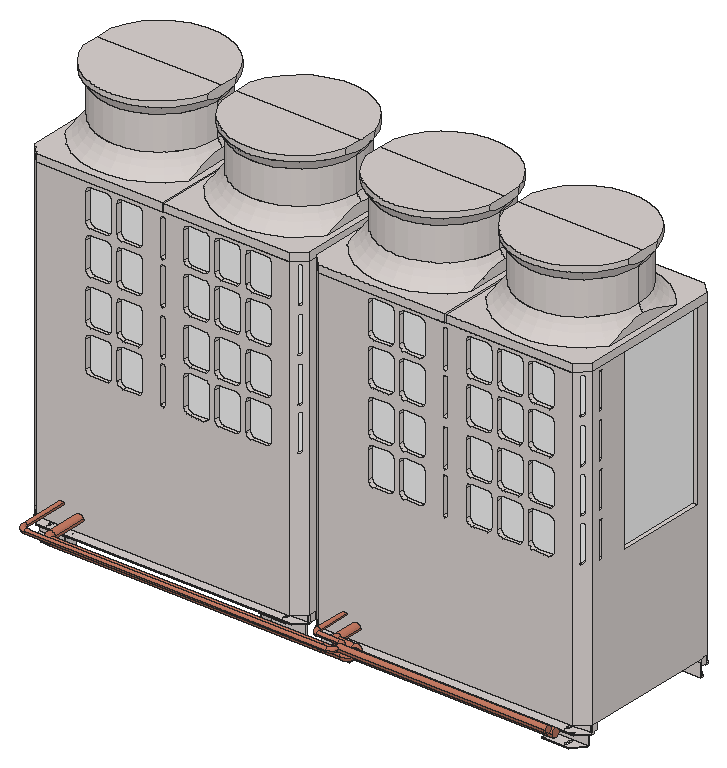
Revit family "PURY-EP750YSNW-A1", category 機械設備, Revit 2016 (continued)
Definition of nested family "PURY-EP400YNW-A1"
  Dimensions and locks
    cut or joined group 1 (Extrusion 1, Extrusion 2, Extrusion 3, Extrusion 4, Extrusion 5, Extrusion 6, Extrusion 7, Extrusion 8, Extrusion 9, Extrusion 10, Extrusion 11, Extrusion 12, Extrusion 13, Extrusion 14, Extrusion 15, Extrusion 16, Extrusion 17, Extrusion 18, Extrusion 19, Extrusion 20, Extrusion 21, Extrusion 22, Extrusion 23, Extrusion 24, Extrusion 25, Extrusion 26, Extrusion 27, Extrusion 28, Extrusion 29, Extrusion 30, Extrusion 31, Extrusion 32, Extrusion 33) to plane 12 to cut or joined group 1 = 805.000 mm, 621.000 mm
    plane 5 to plane 2 = 1858.000 mm  (x2)
    cut or joined group 1 to plane 19 "132" = 132.000 mm
    cut or joined group 1 to plane 22 = 207.000 mm
    cut or joined group 1 to plane 23 = 256.000 mm
    cut or joined group 1 to plane 6 = 60.000 mm
    cut or joined group 1 to cut or joined group 1 = 42.154 mm
    cut or joined group 1 to cut or joined group 1 = 11.895 mm
    nested 1 to nested 3 to level = 1798.000 mm, 60.000 mm
    nested 1 to nested 1 = 303.000 mm
    nested 1 to nested 3 = 1495.000 mm
    nested 8 to nested 8 to nested 8 to nested 7 to nested 7 to nested 7 = 54.000 mm, 20.000 mm, 592.000 mm, 20.000 mm, 54.000 mm
    nested 3 to nested 3 = 56.000 mm
    plane 11 to plane 31 to plane 32 to cut or joined group 1 = 90.000 mm, 1060.000 mm, 90.000 mm
    curve 103 to nested 7 = 90.000 mm
    curve 104 to nested 7 = 125.000 mm
    curve 101 to nested 7 = 100.000 mm
    curve 11 to curve 13 to nested 7 = 84.000 mm, 71.000 mm
    cut or joined group 1 to curve 12 to curve 14 = 125.000 mm, 148.000 mm
    nested 2 to nested 7 = 1495.000 mm
    curve 87 to cut or joined group 1 = 152.000 mm
    curve 88 to cut or joined group 1 = 172.000 mm
    curve 89 to cut or joined group 1 = 216.000 mm
    cut or joined group 1 to curve 4 to curve 2 = 128.000 mm, 150.000 mm
    cut or joined group 1 to curve 1 to curve 3 = 79.000 mm, 94.000 mm
    Extrusion 32 sketch curve to nested 7 = 116.000 mm
    cut or joined group 1 to Extrusion 32 sketch curve = 160.000 mm
    cut or joined group 1 to Extrusion 33 sketch curve = 243.000 mm
    Extrusion 33 sketch curve to nested 7 = 116.000 mm
    aligned and locked: level to plane 2
    aligned and locked: Extrusion 1 to plane 4
  Nested families
    nested 1: "FAN GUARD" at (-311.5, 2, 860), type "FAN GUARD"
      with WIDTH 870.000 mm
    nested 2: "FAN GUARD" at (311.5, 2, 860) x (-1, 0, 0) z (0, 0, 1), type "FAN GUARD"
      with WIDTH 870.000 mm
    nested 3: "ATTACHMENT LEG" at (-524, -349, 0), type "ATTACHMENT LEG"
    nested 4: "ATTACHMENT LEG" at (-524, 349, 0), type "ATTACHMENT LEG"
    nested 5: "ATTACHMENT LEG" at (524, -349, 0) x (-1, 0, 0) z (0, 0, 1), type "ATTACHMENT LEG"
    nested 6: "ATTACHMENT LEG" at (524, 349, 0) x (-1, 0, 0) z (0, 0, 1), type "ATTACHMENT LEG"
    nested 7: "BASE LEG_L_" at (0, -352, 60), type "BASE LEG_L_"
      with Width 1240.000 mm
    nested 8: "BASE LEG_L_" at (0, 352, 60), type "BASE LEG_L_"
      with Width 1240.000 mm
  Connectors
    piping at (-460, -191, 176), diameter 25.4, driven by "Liquid pipe_radius"
      settings: on cut or joined group 1, index 3, connector inside diameter 25.4 mm, connector length 0.000 mm, flow factor 0, pipe flow 0.0 L/s, pressure drop 0.0 Pa, fitting loss kfactor 0, connector angle 0.00°, fixture units 0, engagement length 0.000 mm, angle of deflection 0.00°, flow configuration 0, flow direction 0, fitting loss method 0, system type 22, joint type 0, gender type 0, connector reference index -1, connector utility 0, adjustable connector no, is connector primary yes, connector description "Refrigerant service valve<Liquid pipe>"
    piping at (-377, -191, 176), diameter 28.58, driven by "Gas pipe_radius"
      settings: on cut or joined group 1, index 4, connector inside diameter 28.58 mm, connector length 0.000 mm, flow factor 0, pipe flow 0.0 L/s, pressure drop 0.0 Pa, fitting loss kfactor 0, connector angle 0.00°, fixture units 0, engagement length 0.000 mm, angle of deflection 0.00°, flow configuration 0, flow direction 0, fitting loss method 0, system type 22, joint type 0, gender type 0, connector reference index -1, connector utility 0, adjustable connector no, is connector primary no, connector description "Refrigerant service valve<Gas>"
    electrical at (0, -370, 808)
      settings: on cut or joined group 1, index 5, voltage 0 V, apparent load 0 VA, apparent load phase1 0 VA, apparent load phase2 0 VA, apparent load phase3 0 VA, power factor 1, load classification none, number of poles 1, system type 30, power factor state 1, is connector primary yes, connector utility no, sub classification motor no, connector description ""
  Definition of nested family "FAN GUARD"
    Parameters
      WIDTH [instance] = 870.000 mm
    Reference planes
      plane 1 "中心(正面/背面)": y = -2
      plane 2: z = 0
      plane 3 "ファンガード基準面": z = 661
      plane 4: y = 368
      plane 5: x = 366
      plane 6: x = -375
      plane 7 "ファンガード基準上面": z = 695
      plane 8 "ファンガード上面": z = 998
      plane 9: x = -273.971
      plane 10: x = 308.5
      plane 11: x = -308.5
      plane 12: x = 0
    Forms (mm)
      Extrusion 1, solid
        sketch origin (85, 0, 661) x (-1, 0, 0) y (0, -1, 0)
          loop
            line (343.5, -368) -> (393.5, -318) -> (393.5, 322) -> (343.5, 372) -> (-223.5, 372) -> (-223.5, -368) -> (343.5, -368)
        from 0 to 34
      Revolve 2, solid
        sketch origin (0, -2, 0) x (1, 0, 0) y (0, 0, 1)
          loop
            line (0, 695) -> (0, 998) -> (-290, 998) -> (-290, 972.327) -> (-260, 928.372) -> (-260, 777.384)
            arc (-260, 777.384) -> (-290.651, 730.137) -> (-334.665, 695) r 175.882
            line (-334.665, 695) -> (0, 695)
          axis (0, 998) -> (0, 695)
        angle from 0 to 360
      Extrusion 3, void
        sketch origin (-840, 75, 695) x (-1, 0, 0) y (0, -1, 0)
          loop
            line (-410, -165) -> (-410, 315) -> (-561.253, 315) -> (-561.253, -165) -> (-410, -165)
        from -35 to 430.592
      Extrusion 4, void
        sketch origin (840, 75, 695) x (1, 0, 0) y (0, 1, 0)
          loop
            line (-410, 165) -> (-561.253, 165) -> (-561.253, -315) -> (-410, -315) -> (-410, 165)
        from 0 to 430.592
    Cuts and joins
      Extrusion 3, Extrusion 4 cuts Revolve 2
      Extrusion 4 cuts Extrusion 1
    Lines and regions (mm)
      model lines
        curve 1: line (-278.747, 0, 998) -> (-80, 0, 998)
        curve 2: line (80, 0, 998) -> (278.747, 0, 998)
        curve 3: circle (0, 0, 998) r 80 normal (0, 0, 1)
        curve 4: line (-278.747, -80, 998) -> (278.747, -80, 998)
        curve 5: line (-241.868, -160, 998) -> (241.868, -160, 998)
        curve 6: line (-162.788, -240, 998) -> (162.788, -240, 998)
        curve 7: line (-278.747, 80, 998) -> (278.747, 80, 998)
        curve 8: line (-241.868, 160, 998) -> (240, 160, 998)
        curve 9: line (-160, 240, 998) -> (162.788, 240, 998)
        curve 10: line (0, 290, 998) -> (0, -290, 998)
        curve 11: line (-20, 289.31, 998) -> (-20, -289.31, 998)
        curve 12: line (-40, 287.228, 998) -> (-40, -287.228, 998)
        curve 13: line (-60, 283.725, 998) -> (-60, -283.725, 998)
        curve 14: line (-80, 278.747, 998) -> (-80, -278.747, 998)
        curve 15: line (20, 289.31, 998) -> (20, -289.31, 998)
        curve 16: line (40, 287.228, 998) -> (40, -287.228, 998)
        curve 17: line (60, 283.725, 998) -> (60, -283.725, 998)
        curve 18: line (80, 278.747, 998) -> (80, -278.747, 998)
        curve 19: line (100, 272.213, 998) -> (100, -272.213, 998)
        curve 20: line (120, 264.008, 998) -> (120, -264.008, 998)
        curve 21: line (140, 253.969, 998) -> (140, -253.969, 998)
        curve 22: line (160, 241.868, 998) -> (160, -243.132, 998)
        curve 23: line (180, 227.376, 998) -> (180, -227.624, 998)
        curve 24: line (200, 210, 998) -> (200, -210, 998)
        curve 25: line (220, 188.944, 998) -> (220, -188.944, 998)
        curve 26: line (240, 160, 998) -> (240, -162.788, 998)
        curve 27: line (260, 128.452, 998) -> (260, -128.452, 998)
        curve 28: line (-100, 272.213, 998) -> (-100, -272.213, 998)
        curve 29: line (-120, 264.008, 998) -> (-120, -264.008, 998)
        curve 30: line (-140, 253.969, 998) -> (-140, -253.969, 998)
        curve 31: line (-160, 240, 998) -> (-160, -241.868, 998)
        curve 32: line (-180, 227.376, 998) -> (-180, -227.376, 998)
        curve 33: line (-200, 210, 998) -> (-200, -210, 998)
        curve 34: line (-220, 188.944, 998) -> (-220, -188.944, 998)
        curve 35: line (-240, 162.788, 998) -> (-240, -162.788, 998)
        curve 36: line (-260, 128.452, 998) -> (-260, -128.452, 998)
        curve 37: line (10, 79.373, 998) -> (10, -79.373, 998)
        curve 38: line (-10, 79.373, 998) -> (-10, -79.373, 998)
        curve 39: line (30, 74.162, 998) -> (30, -74.162, 998)
        curve 40: line (50, 62.45, 998) -> (50, -62.45, 998)
        curve 41: line (70, 38.73, 998) -> (70, -38.73, 998)
        curve 42: line (-30, 74.162, 998) -> (-30, -74.162, 998)
        curve 43: line (-50, 62.45, 998) -> (-50, -62.45, 998)
        curve 44: line (-70, 38.73, 998) -> (-70, -38.73, 998)
    Dimensions and locks
      locked: plane 8 "ファンガード上面" to plane 7 "ファンガード基準上面" at 303
      plane 8 "ファンガード上面" to plane 3 "ファンガード基準面" = 337.000 mm
      Revolve 2 sketch curve to Revolve 2 sketch curve = 290.000 mm
      Extrusion 1 sketch curve to Extrusion 1 sketch curve = 740.000 mm
      equal spacing: Extrusion 1 sketch curve, plane 1 "中心(正面/背面)", Extrusion 1 sketch curve
      plane 6 to plane 5 = 741.000 mm
      Extrusion 1 sketch curve to Extrusion 1 sketch curve = 617.000 mm
      plane 11 to plane 10 = 617.000 mm
      cut or joined group of Extrusion 1, Extrusion 4 to cut or joined group of Extrusion 1, Extrusion 4 = 617.000 mm
      cut or joined group of Extrusion 1, Extrusion 4 to cut or joined group of Extrusion 1, Extrusion 4 = 740.000 mm
      aligned and locked: level to plane 2
      aligned and locked: plane 7 "ファンガード基準上面" to Extrusion 1
      aligned and locked: plane 3 "ファンガード基準面" to Extrusion 1
      aligned and locked: cut or joined group of Revolve 2, Extrusion 3, Extrusion 4 to plane 8 "ファンガード上面"
  Definition of nested family "ATTACHMENT LEG"
    Parameters
      Width = 145.000 mm
    Reference planes
      plane 1: z = 0
      plane 2 "中心(左/右)": x = -6
      plane 3: x = -52
      plane 4: x = 85
      plane 5: x = 93
      plane 6: y = -21
      plane 7: y = 27
      plane 8: x = -30
      plane 9: y = 39
      plane 10: z = 60
      plane 11: z = 57
      plane 12: z = 3
      plane 13: x = 82
      plane 14: y = 36
      plane 15: x = -75
      plane 16: y = 31
      plane 17 "幅": x = 93
      plane 18: y = 2.5
      plane 19: y = 21
      plane 20: y = -10
    Forms (mm)
      Extrusion 1, solid
        sketch origin (0, -1, 0) x (1, 0, 0) y (0, 1, 0)
          loop
            line (-75, 36) -> (-75, 27) -> (-28, -20) -> (93, -20) -> (93, 32) -> (85, 32) -> (85, 36) -> (-75, 36)
        from 0 to 60
      Extrusion 2, void
        sketch origin (0, -3, 0) x (1, 0, 0) y (0, 0, 1)
          loop
            line (-75, 57) -> (-75, 3) -> (82, 3) -> (82, 57) -> (-75, 57)
          loop
            line (93, 57) -> (85, 57) -> (85, 3) -> (93, 3) -> (93, 57)
        from -35 to 18
      Extrusion 3, void
        sketch origin (-6, 5.5, 0) x (1, 0, 0) y (0, 1, 0)
          loop
            arc (-7, -8.5) -> (0, -15.5) -> (7, -8.5) r 7
            line (7, -8.5) -> (7, 8.5)
            arc (7, 8.5) -> (0, 15.5) -> (-7, 8.5) r 7
            line (-7, 8.5) -> (-7, -8.5)
        from 0 to 60
    Cuts and joins
      Extrusion 2, Extrusion 3 cuts Extrusion 1
    Dimensions and locks
      locked: plane 3 to plane 4 at 137
      locked: plane 3 to plane 5 at 145
      plane 6 to plane 7 = 48.000 mm
      locked: plane 10 to level at 60
      Extrusion 3 sketch curve to plane 2 "中心(左/右)" = 7.000 mm
      locked: plane 15 to plane 2 "中心(左/右)" at 69
      locked: plane 15 to plane 8 at 45
      locked: plane 6 to plane 18 at 23.5
      cut or joined group of Extrusion 1, Extrusion 2, Extrusion 3 to cut or joined group of Extrusion 1, Extrusion 2, Extrusion 3 = 168.000 mm
      cut or joined group of Extrusion 1, Extrusion 2, Extrusion 3 to cut or joined group of Extrusion 1, Extrusion 2, Extrusion 3 = 56.000 mm  (x2)
      plane 14 to plane 6 = 57.000 mm
      aligned and locked: level to plane 1
      aligned and locked: Extrusion 1 sketch curve to plane 4
      aligned and locked: Extrusion 1 sketch curve to plane 5
      aligned: plane 8 to Extrusion 1 sketch curve
      aligned and locked: plane 10 to Extrusion 1
      aligned and locked: Extrusion 2 sketch curve to plane 11
      aligned: plane 3 to Extrusion 2 sketch curve
      aligned and locked: plane 12 to Extrusion 2 sketch curve
      aligned and locked: Extrusion 2 sketch curve to plane 13
      aligned and locked: plane 6 to Extrusion 2
      aligned and locked: plane 11 to Extrusion 2 sketch curve
      aligned and locked: plane 5 to Extrusion 2 sketch curve
      aligned and locked: Extrusion 2 sketch curve to plane 12
      aligned and locked: Extrusion 2 sketch curve to plane 4
      aligned and locked: plane 15 to Extrusion 1 sketch curve
      aligned and locked: Extrusion 2 sketch curve to cut or joined group of Extrusion 1, Extrusion 2, Extrusion 3
      aligned and locked: Extrusion 1 to plane 16
  Definition of nested family "BASE LEG_L_"
    Parameters
      Width [instance] = 1240.000 mm
    Reference planes
      plane 1 "中心(正面/背面)": y = 0
      plane 2: z = 0
      plane 3 "中心(左/右)": x = 0
      plane 4: x = 620
      plane 5: x = -620
      plane 6: x = -530
      plane 7: x = 530
      plane 8: y = -18
      plane 9: y = 39
      plane 10: z = 53
      plane 11: y = 42
      plane 12: y = 27
      plane 13: x = 575
      plane 14: x = -575
      plane 15: z = 8
      plane 16: y = 11.5
      plane 17: z = 35
    Forms (mm)
      Extrusion 1, solid
        sketch origin (0, 0, 0) x (0, 1, 0) y (0, 0, 1)
          loop
            line (-18, 0) -> (36, 0) -> (36, 32) -> (56, 32) -> (56, 35) -> (33, 35) -> (33, 3) -> (-18, 3) -> (-18, 0)
        from -620 to 620
      Extrusion 2, void
        sketch origin (0, 0, 0) x (1, 0, 0) y (0, 1, 0)
          loop
            line (575, -18) -> (620, -18) -> (620, 27) -> (575, -18)
          loop
            line (-575, -18) -> (-620, 27) -> (-620, -18) -> (-575, -18)
        from 0 to 250
      Extrusion 3, void
        sketch origin (0, 12.023, 0) x (1, 0, 0) y (0, 1, 0)
          loop
            arc (523, -2.971) -> (530, -9.971) -> (537, -2.971) r 7
            line (537, -2.971) -> (537, 3.023)
            arc (537, 3.023) -> (530, 10.023) -> (523, 3.023) r 7
            line (523, 3.023) -> (523, -2.971)
          loop
            line (-523, -2.971) -> (-523, 3.023)
            arc (-523, 3.023) -> (-530, 10.023) -> (-537, 3.023) r 7
            line (-537, 3.023) -> (-537, -2.971)
            arc (-537, -2.971) -> (-530, -9.971) -> (-523, -2.971) r 7
        from 0 to 250
      Extrusion 4, solid
        sketch origin (0, 0, -3) x (1, 0, 0) y (0, 0, 1)
          loop
            line (617, 8) -> (620, 8) -> (620, 35) -> (617, 35) -> (617, 8)
          loop
            line (-617, 8) -> (-617, 35) -> (-620, 35) -> (-620, 8) -> (-617, 8)
        from -36 to -56
      Extrusion 5, solid
        sketch origin (150, 352, 0) x (1, 0, 0) y (0, 1, 0)
          loop
            line (460, -319) -> (455, -319) -> (455, -320) -> (405, -370) -> (410, -370) -> (460, -320) -> (460, -319)
        from 3 to 35
      Extrusion 6, void
        sketch origin (560, -18, 0) x (0.707107, 0.707107, 0) y (0, 0, 1)
          loop
            line (70.711, 3) -> (-6.741, 39.767) -> (-6.741, 3) -> (70.711, 3)
        from -190.256 to 23.776
      Extrusion 7, solid
        sketch origin (-150, 352, 0) x (-1, 0, 0) y (0, -1, 0)
          loop
            line (460, 319) -> (460, 320) -> (410, 370) -> (405, 370) -> (455, 320) -> (455, 319) -> (460, 319)
        from 3 to 35
      Extrusion 8, void
        sketch origin (-560, -18, 0) x (0.707107, -0.707107, 0) y (0, 0, -1)
          loop
            line (-70.711, -3) -> (0, -35) -> (6.741, -35) -> (6.741, -3) -> (-70.711, -3)
        from -190.256 to 23.776
    Cuts and joins
      Extrusion 2, Extrusion 3 cuts Extrusion 1
      joined: Extrusion 1, Extrusion 4
      Extrusion 8 cuts Extrusion 7
      Extrusion 6 cuts Extrusion 5
    Dimensions and locks
      "Width": plane 5 to plane 4
      equal spacing: plane 5, plane 3 "中心(左/右)", plane 4
      locked: plane 5 to plane 6 at 90
      locked: plane 7 to plane 4 at 90
      locked: plane 8 to plane 9 at 57
      locked: plane 10 to level at 53
      locked: plane 9 to plane 11 at 3
      plane 8 to plane 12 = 45.000 mm
      locked: plane 13 to plane 4 at 45
      locked: plane 5 to plane 14 at 45
      equal spacing: Extrusion 3 sketch curve, plane 7, Extrusion 3 sketch curve
      equal spacing: Extrusion 3 sketch curve, plane 6, Extrusion 3 sketch curve
      locked: plane 10 to plane 15 at 45
      locked: cut or joined group of Extrusion 1, Extrusion 2, Extrusion 3, Extrusion 4 to Extrusion 4 sketch curve at 3  (x2)
      locked: plane 8 to plane 16 at 29.5
      plane 8 to plane 11 = 60.000 mm
      cut or joined group of Extrusion 1, Extrusion 2, Extrusion 3, Extrusion 4 to cut or joined group of Extrusion 1, Extrusion 2, Extrusion 3, Extrusion 4 = 35.000 mm
      aligned and locked: level to plane 2
      aligned and locked: plane 8 to Extrusion 1 sketch curve
      aligned and locked: plane 4 to Extrusion 1
      aligned and locked: Extrusion 1 to plane 5
      aligned and locked: Extrusion 2 sketch curve to plane 4
      aligned and locked: Extrusion 2 sketch curve to plane 8
      aligned and locked: plane 12 to Extrusion 2 sketch curve
      aligned and locked: plane 13 to Extrusion 2 sketch curve
      aligned and locked: plane 4 to Extrusion 4 sketch curve
      aligned and locked: plane 5 to Extrusion 4 sketch curve
      aligned and locked: cut or joined group of Extrusion 7, Extrusion 8 to cut or joined group of Extrusion 1, Extrusion 2, Extrusion 3, Extrusion 4
    Automatic sketch dimensions
      Extrusion 3 sketch curve to plane 1 "中心(正面/背面)" = 9.052 mm  (x2)
      Extrusion 3 sketch curve to plane 7 = 7.000 mm
      Extrusion 3 sketch curve to plane 1 "中心(正面/背面)" = 15.046 mm  (x2)
      Extrusion 3 sketch curve to plane 6 = 7.000 mm
      Extrusion 2 sketch curve to plane 5 = 0.000 mm
      plane 8 to Extrusion 2 sketch curve = 0.000 mm
      Extrusion 2 sketch curve to plane 14 = 0.000 mm
      plane 12 to Extrusion 2 sketch curve = 0.000 mm
      Extrusion 4 sketch curve to plane 10 = 21.000 mm
      plane 7 to Extrusion 5 sketch curve = 25.000 mm
      Extrusion 5 sketch curve to Extrusion 5 sketch curve = 5.000 mm  (x2)
      plane 7 to Extrusion 5 sketch curve = 75.000 mm
      plane 8 to Extrusion 5 sketch curve = 0.000 mm
      Extrusion 5 sketch curve to Extrusion 5 sketch curve = 50.000 mm
      Extrusion 5 sketch curve to Extrusion 5 sketch curve = 0.000 mm
      Extrusion 5 sketch curve to Extrusion 5 sketch curve = 1.000 mm
      Extrusion 6 sketch curve to Extrusion 5 = 0.000 mm  (x2)
      Extrusion 6 sketch curve to Extrusion 5 = 6.741 mm
      Extrusion 6 sketch curve to Extrusion 5 = 4.767 mm
      plane 6 to Extrusion 7 sketch curve = 25.000 mm
      Extrusion 7 sketch curve to Extrusion 7 sketch curve = 5.000 mm  (x2)
      Extrusion 7 sketch curve to Extrusion 7 sketch curve = 45.000 mm
      Extrusion 7 sketch curve to plane 8 = 0.000 mm
      Extrusion 7 sketch curve to Extrusion 7 sketch curve = 50.000 mm
      Extrusion 7 sketch curve to Extrusion 7 sketch curve = 0.000 mm
      Extrusion 7 sketch curve to Extrusion 7 sketch curve = 1.000 mm
      Extrusion 8 sketch curve to Extrusion 7 = 0.000 mm  (x2)
      Extrusion 7 to Extrusion 8 sketch curve = 0.000 mm  (x2)
      Extrusion 7 to Extrusion 8 sketch curve = 6.741 mm
      Extrusion 4 sketch curve to plane 17 = 3.000 mm
      Extrusion 4 sketch curve to plane 15 = 3.000 mm  (x2)
      Extrusion 1 sketch curve to plane 17 = 0.000 mm
      Extrusion 1 sketch curve to level = 0.000 mm
      level to Extrusion 1 sketch curve = 3.000 mm
      plane 9 to Extrusion 1 sketch curve = 6.000 mm
      plane 9 to Extrusion 1 sketch curve = 3.000 mm
      Extrusion 1 sketch curve to plane 17 = 3.000 mm
      Extrusion 1 sketch curve to plane 11 = 14.000 mm
Definition of nested family "PURY-EP350YNW-A1"
  Parameters
    Model = "PUHY-P350YNW-A"
    URL = "http://www.mitsubishielectric.com/"
    Manufacturer = "Mitsubishi Electric Corporation"
    Liquid pipe_radius = 12.700 mm
    Gas pipe_radius = 14.290 mm
  Reference planes
    plane 1 "Center (Front/Back)": y = 0
    plane 2: z = 0
    plane 3 "Center (Left/Right)": x = 0
    plane 4: y = 370
    plane 5: z = 1858
    plane 6: y = -260
    plane 7: y = -204
    plane 8: y = -185
    plane 9: x = -620
    plane 10: x = 620
    plane 11: x = -620
    plane 12: z = 716
    plane 13: x = -524
    plane 14: z = 669
    plane 15: x = -50.5
    plane 16: x = 51
    plane 17: x = 489
    plane 18: x = 467
    plane 19 "132": x = 488
    plane 20 "100": z = 160
    plane 21: z = 185
    plane 22: x = 413
    plane 23: x = 364
    plane 24: z = 150
    plane 25: x = -287.25
    plane 26: x = -137.25
    plane 27: x = -272.25
    plane 28: y = -278
    plane 29: z = 1509
    plane 30: y = -370
    plane 31: x = -530
    plane 32: x = 530
    plane 33 "179": y = -191
  Forms (mm)
    Extrusion 1, solid
      sketch origin (-1, 0, 113) x (-1, 0, 0) y (0, -1, 0)
        loop
          line (569, -370) -> (619, -320) -> (619, 320) -> (569, 370) -> (-571, 370) -> (-621, 320) -> (-621, -320) -> (-571, -370) -> (569, -370)
      from -18 to 1408
    Extrusion 2, void
      sketch origin (524, -370, 113) x (1, 0, 0) y (0, 0, -1)
        loop
          arc (-60.8, -1393.5) -> (-42.557, -1385.943) -> (-35, -1367.7) r 25.8
          line (-35, -1367.7) -> (-35, -1248.5)
          arc (-35, -1248.5) -> (-42.557, -1230.257) -> (-60.8, -1222.7) r 25.8
          line (-60.8, -1222.7) -> (-126, -1222.7)
          arc (-126, -1222.7) -> (-144.243, -1230.257) -> (-151.8, -1248.5) r 25.8
          line (-151.8, -1248.5) -> (-151.8, -1367.7)
          arc (-151.8, -1367.7) -> (-144.243, -1385.943) -> (-126, -1393.5) r 25.8
          line (-126, -1393.5) -> (-60.8, -1393.5)
      from 0 to 20
    Extrusion 3, void
      sketch origin (524, -370, -81) x (1, 0, 0) y (0, 0, -1)
        loop
          arc (-60.8, -1393.5) -> (-42.557, -1385.943) -> (-35, -1367.7) r 25.8
          line (-35, -1367.7) -> (-35, -1248.5)
          arc (-35, -1248.5) -> (-42.557, -1230.257) -> (-60.8, -1222.7) r 25.8
          line (-60.8, -1222.7) -> (-126, -1222.7)
          arc (-126, -1222.7) -> (-144.243, -1230.257) -> (-151.8, -1248.5) r 25.8
          line (-151.8, -1248.5) -> (-151.8, -1367.7)
          arc (-151.8, -1367.7) -> (-144.243, -1385.943) -> (-126, -1393.5) r 25.8
          line (-126, -1393.5) -> (-60.8, -1393.5)
      from 0 to 20
    Extrusion 4, void
      sketch origin (524, -370, -287) x (1, 0, 0) y (0, 0, -1)
        loop
          arc (-60.8, -1393.5) -> (-42.557, -1385.943) -> (-35, -1367.7) r 25.8
          line (-35, -1367.7) -> (-35, -1248.5)
          arc (-35, -1248.5) -> (-42.557, -1230.257) -> (-60.8, -1222.7) r 25.8
          line (-60.8, -1222.7) -> (-126, -1222.7)
          arc (-126, -1222.7) -> (-144.243, -1230.257) -> (-151.8, -1248.5) r 25.8
          line (-151.8, -1248.5) -> (-151.8, -1367.7)
          arc (-151.8, -1367.7) -> (-144.243, -1385.943) -> (-126, -1393.5) r 25.8
          line (-126, -1393.5) -> (-60.8, -1393.5)
      from 0 to 20
    Extrusion 5, void
      sketch origin (524, -370, -481) x (1, 0, 0) y (0, 0, -1)
        loop
          arc (-60.8, -1393.5) -> (-42.557, -1385.943) -> (-35, -1367.7) r 25.8
          line (-35, -1367.7) -> (-35, -1248.5)
          arc (-35, -1248.5) -> (-42.557, -1230.257) -> (-60.8, -1222.7) r 25.8
          line (-60.8, -1222.7) -> (-126, -1222.7)
          arc (-126, -1222.7) -> (-144.243, -1230.257) -> (-151.8, -1248.5) r 25.8
          line (-151.8, -1248.5) -> (-151.8, -1367.7)
          arc (-151.8, -1367.7) -> (-144.243, -1385.943) -> (-126, -1393.5) r 25.8
          line (-126, -1393.5) -> (-60.8, -1393.5)
      from 0 to 20
    Extrusion 6, void
      sketch origin (384, -370, 113) x (1, 0, 0) y (0, 0, -1)
        loop
          arc (-60.8, -1393.5) -> (-42.557, -1385.943) -> (-35, -1367.7) r 25.8
          line (-35, -1367.7) -> (-35, -1248.5)
          arc (-35, -1248.5) -> (-42.557, -1230.257) -> (-60.8, -1222.7) r 25.8
          line (-60.8, -1222.7) -> (-126, -1222.7)
          arc (-126, -1222.7) -> (-144.243, -1230.257) -> (-151.8, -1248.5) r 25.8
          line (-151.8, -1248.5) -> (-151.8, -1367.7)
          arc (-151.8, -1367.7) -> (-144.243, -1385.943) -> (-126, -1393.5) r 25.8
          line (-126, -1393.5) -> (-60.8, -1393.5)
      from 0 to 20
    Extrusion 7, void
      sketch origin (384, -370, -81) x (1, 0, 0) y (0, 0, -1)
        loop
          arc (-60.8, -1393.5) -> (-42.557, -1385.943) -> (-35, -1367.7) r 25.8
          line (-35, -1367.7) -> (-35, -1248.5)
          arc (-35, -1248.5) -> (-42.557, -1230.257) -> (-60.8, -1222.7) r 25.8
          line (-60.8, -1222.7) -> (-126, -1222.7)
          arc (-126, -1222.7) -> (-144.243, -1230.257) -> (-151.8, -1248.5) r 25.8
          line (-151.8, -1248.5) -> (-151.8, -1367.7)
          arc (-151.8, -1367.7) -> (-144.243, -1385.943) -> (-126, -1393.5) r 25.8
          line (-126, -1393.5) -> (-60.8, -1393.5)
      from 0 to 20
    Extrusion 8, void
      sketch origin (384, -370, -287) x (1, 0, 0) y (0, 0, -1)
        loop
          arc (-60.8, -1393.5) -> (-42.557, -1385.943) -> (-35, -1367.7) r 25.8
          line (-35, -1367.7) -> (-35, -1248.5)
          arc (-35, -1248.5) -> (-42.557, -1230.257) -> (-60.8, -1222.7) r 25.8
          line (-60.8, -1222.7) -> (-126, -1222.7)
          arc (-126, -1222.7) -> (-144.243, -1230.257) -> (-151.8, -1248.5) r 25.8
          line (-151.8, -1248.5) -> (-151.8, -1367.7)
          arc (-151.8, -1367.7) -> (-144.243, -1385.943) -> (-126, -1393.5) r 25.8
          line (-126, -1393.5) -> (-60.8, -1393.5)
      from 0 to 20
    Extrusion 9, void
      sketch origin (384, -370, -481) x (1, 0, 0) y (0, 0, -1)
        loop
          arc (-60.8, -1393.5) -> (-42.557, -1385.943) -> (-35, -1367.7) r 25.8
          line (-35, -1367.7) -> (-35, -1248.5)
          arc (-35, -1248.5) -> (-42.557, -1230.257) -> (-60.8, -1222.7) r 25.8
          line (-60.8, -1222.7) -> (-126, -1222.7)
          arc (-126, -1222.7) -> (-144.243, -1230.257) -> (-151.8, -1248.5) r 25.8
          line (-151.8, -1248.5) -> (-151.8, -1367.7)
          arc (-151.8, -1367.7) -> (-144.243, -1385.943) -> (-126, -1393.5) r 25.8
          line (-126, -1393.5) -> (-60.8, -1393.5)
      from 0 to 20
    Extrusion 10, void
      sketch origin (244, -370, 113) x (1, 0, 0) y (0, 0, -1)
        loop
          arc (-60.8, -1393.5) -> (-42.557, -1385.943) -> (-35, -1367.7) r 25.8
          line (-35, -1367.7) -> (-35, -1248.5)
          arc (-35, -1248.5) -> (-42.557, -1230.257) -> (-60.8, -1222.7) r 25.8
          line (-60.8, -1222.7) -> (-126, -1222.7)
          arc (-126, -1222.7) -> (-144.243, -1230.257) -> (-151.8, -1248.5) r 25.8
          line (-151.8, -1248.5) -> (-151.8, -1367.7)
          arc (-151.8, -1367.7) -> (-144.243, -1385.943) -> (-126, -1393.5) r 25.8
          line (-126, -1393.5) -> (-60.8, -1393.5)
      from 0 to 20
    Extrusion 11, void
      sketch origin (244, -370, -81) x (1, 0, 0) y (0, 0, -1)
        loop
          arc (-60.8, -1393.5) -> (-42.557, -1385.943) -> (-35, -1367.7) r 25.8
          line (-35, -1367.7) -> (-35, -1248.5)
          arc (-35, -1248.5) -> (-42.557, -1230.257) -> (-60.8, -1222.7) r 25.8
          line (-60.8, -1222.7) -> (-126, -1222.7)
          arc (-126, -1222.7) -> (-144.243, -1230.257) -> (-151.8, -1248.5) r 25.8
          line (-151.8, -1248.5) -> (-151.8, -1367.7)
          arc (-151.8, -1367.7) -> (-144.243, -1385.943) -> (-126, -1393.5) r 25.8
          line (-126, -1393.5) -> (-60.8, -1393.5)
      from 0 to 20
    Extrusion 12, void
      sketch origin (244, -370, -287) x (1, 0, 0) y (0, 0, -1)
        loop
          arc (-60.8, -1393.5) -> (-42.557, -1385.943) -> (-35, -1367.7) r 25.8
          line (-35, -1367.7) -> (-35, -1248.5)
          arc (-35, -1248.5) -> (-42.557, -1230.257) -> (-60.8, -1222.7) r 25.8
          line (-60.8, -1222.7) -> (-126, -1222.7)
          arc (-126, -1222.7) -> (-144.243, -1230.257) -> (-151.8, -1248.5) r 25.8
          line (-151.8, -1248.5) -> (-151.8, -1367.7)
          arc (-151.8, -1367.7) -> (-144.243, -1385.943) -> (-126, -1393.5) r 25.8
          line (-126, -1393.5) -> (-60.8, -1393.5)
      from 0 to 20
    Extrusion 13, void
      sketch origin (244, -370, -481) x (1, 0, 0) y (0, 0, -1)
        loop
          arc (-60.8, -1393.5) -> (-42.557, -1385.943) -> (-35, -1367.7) r 25.8
          line (-35, -1367.7) -> (-35, -1248.5)
          arc (-35, -1248.5) -> (-42.557, -1230.257) -> (-60.8, -1222.7) r 25.8
          line (-60.8, -1222.7) -> (-126, -1222.7)
          arc (-126, -1222.7) -> (-144.243, -1230.257) -> (-151.8, -1248.5) r 25.8
          line (-151.8, -1248.5) -> (-151.8, -1367.7)
          arc (-151.8, -1367.7) -> (-144.243, -1385.943) -> (-126, -1393.5) r 25.8
          line (-126, -1393.5) -> (-60.8, -1393.5)
      from 0 to 20
    Extrusion 14, void
      sketch origin (-56, -370, 113) x (1, 0, 0) y (0, 0, -1)
        loop
          arc (-60.8, -1393.5) -> (-42.557, -1385.943) -> (-35, -1367.7) r 25.8
          line (-35, -1367.7) -> (-35, -1248.5)
          arc (-35, -1248.5) -> (-42.557, -1230.257) -> (-60.8, -1222.7) r 25.8
          line (-60.8, -1222.7) -> (-126, -1222.7)
          arc (-126, -1222.7) -> (-144.243, -1230.257) -> (-151.8, -1248.5) r 25.8
          line (-151.8, -1248.5) -> (-151.8, -1367.7)
          arc (-151.8, -1367.7) -> (-144.243, -1385.943) -> (-126, -1393.5) r 25.8
          line (-126, -1393.5) -> (-60.8, -1393.5)
      from 0 to 20
    Extrusion 15, void
      sketch origin (-56, -370, -81) x (1, 0, 0) y (0, 0, -1)
        loop
          arc (-60.8, -1393.5) -> (-42.557, -1385.943) -> (-35, -1367.7) r 25.8
          line (-35, -1367.7) -> (-35, -1248.5)
          arc (-35, -1248.5) -> (-42.557, -1230.257) -> (-60.8, -1222.7) r 25.8
          line (-60.8, -1222.7) -> (-126, -1222.7)
          arc (-126, -1222.7) -> (-144.243, -1230.257) -> (-151.8, -1248.5) r 25.8
          line (-151.8, -1248.5) -> (-151.8, -1367.7)
          arc (-151.8, -1367.7) -> (-144.243, -1385.943) -> (-126, -1393.5) r 25.8
          line (-126, -1393.5) -> (-60.8, -1393.5)
      from 0 to 20
    Extrusion 16, void
      sketch origin (-56, -370, -287) x (1, 0, 0) y (0, 0, -1)
        loop
          arc (-60.8, -1393.5) -> (-42.557, -1385.943) -> (-35, -1367.7) r 25.8
          line (-35, -1367.7) -> (-35, -1248.5)
          arc (-35, -1248.5) -> (-42.557, -1230.257) -> (-60.8, -1222.7) r 25.8
          line (-60.8, -1222.7) -> (-126, -1222.7)
          arc (-126, -1222.7) -> (-144.243, -1230.257) -> (-151.8, -1248.5) r 25.8
          line (-151.8, -1248.5) -> (-151.8, -1367.7)
          arc (-151.8, -1367.7) -> (-144.243, -1385.943) -> (-126, -1393.5) r 25.8
          line (-126, -1393.5) -> (-60.8, -1393.5)
      from 0 to 20
    Extrusion 17, void
      sketch origin (-56, -370, -481) x (1, 0, 0) y (0, 0, -1)
        loop
          arc (-60.8, -1393.5) -> (-42.557, -1385.943) -> (-35, -1367.7) r 25.8
          line (-35, -1367.7) -> (-35, -1248.5)
          arc (-35, -1248.5) -> (-42.557, -1230.257) -> (-60.8, -1222.7) r 25.8
          line (-60.8, -1222.7) -> (-126, -1222.7)
          arc (-126, -1222.7) -> (-144.243, -1230.257) -> (-151.8, -1248.5) r 25.8
          line (-151.8, -1248.5) -> (-151.8, -1367.7)
          arc (-151.8, -1367.7) -> (-144.243, -1385.943) -> (-126, -1393.5) r 25.8
          line (-126, -1393.5) -> (-60.8, -1393.5)
      from 0 to 20
    Extrusion 18, void
      sketch origin (-196, -370, 113) x (1, 0, 0) y (0, 0, -1)
        loop
          arc (-60.8, -1393.5) -> (-42.557, -1385.943) -> (-35, -1367.7) r 25.8
          line (-35, -1367.7) -> (-35, -1248.5)
          arc (-35, -1248.5) -> (-42.557, -1230.257) -> (-60.8, -1222.7) r 25.8
          line (-60.8, -1222.7) -> (-126, -1222.7)
          arc (-126, -1222.7) -> (-144.243, -1230.257) -> (-151.8, -1248.5) r 25.8
          line (-151.8, -1248.5) -> (-151.8, -1367.7)
          arc (-151.8, -1367.7) -> (-144.243, -1385.943) -> (-126, -1393.5) r 25.8
          line (-126, -1393.5) -> (-60.8, -1393.5)
      from 0 to 20
    Extrusion 19, void
      sketch origin (-196, -370, -81) x (1, 0, 0) y (0, 0, -1)
        loop
          arc (-60.8, -1393.5) -> (-42.557, -1385.943) -> (-35, -1367.7) r 25.8
          line (-35, -1367.7) -> (-35, -1248.5)
          arc (-35, -1248.5) -> (-42.557, -1230.257) -> (-60.8, -1222.7) r 25.8
          line (-60.8, -1222.7) -> (-126, -1222.7)
          arc (-126, -1222.7) -> (-144.243, -1230.257) -> (-151.8, -1248.5) r 25.8
          line (-151.8, -1248.5) -> (-151.8, -1367.7)
          arc (-151.8, -1367.7) -> (-144.243, -1385.943) -> (-126, -1393.5) r 25.8
          line (-126, -1393.5) -> (-60.8, -1393.5)
      from 0 to 20
    Extrusion 20, void
      sketch origin (-196, -370, -287) x (1, 0, 0) y (0, 0, -1)
        loop
          arc (-60.8, -1393.5) -> (-42.557, -1385.943) -> (-35, -1367.7) r 25.8
          line (-35, -1367.7) -> (-35, -1248.5)
          arc (-35, -1248.5) -> (-42.557, -1230.257) -> (-60.8, -1222.7) r 25.8
          line (-60.8, -1222.7) -> (-126, -1222.7)
          arc (-126, -1222.7) -> (-144.243, -1230.257) -> (-151.8, -1248.5) r 25.8
          line (-151.8, -1248.5) -> (-151.8, -1367.7)
          arc (-151.8, -1367.7) -> (-144.243, -1385.943) -> (-126, -1393.5) r 25.8
          line (-126, -1393.5) -> (-60.8, -1393.5)
      from 0 to 20
    Extrusion 21, void
      sketch origin (-196, -370, -481) x (1, 0, 0) y (0, 0, -1)
        loop
          arc (-60.8, -1393.5) -> (-42.557, -1385.943) -> (-35, -1367.7) r 25.8
          line (-35, -1367.7) -> (-35, -1248.5)
          arc (-35, -1248.5) -> (-42.557, -1230.257) -> (-60.8, -1222.7) r 25.8
          line (-60.8, -1222.7) -> (-126, -1222.7)
          arc (-126, -1222.7) -> (-144.243, -1230.257) -> (-151.8, -1248.5) r 25.8
          line (-151.8, -1248.5) -> (-151.8, -1367.7)
          arc (-151.8, -1367.7) -> (-144.243, -1385.943) -> (-126, -1393.5) r 25.8
          line (-126, -1393.5) -> (-60.8, -1393.5)
      from 0 to 20
    Extrusion 22, void
      sketch origin (620, 320, 113) x (0, 1, 0) y (0, 0, -1)
        loop
          line (-462.3, -1408) -> (-50.8, -1408) -> (-50.8, -612) -> (-462.3, -612) -> (-462.3, -1408)
      from 0 to 20
    Extrusion 23, void
      sketch origin (-620, -320, 113) x (0, -1, 0) y (0, 0, -1)
        loop
          line (-535.7, -1408) -> (-207.7, -1408) -> (-207.7, -592) -> (-535.7, -592) -> (-535.7, -1408)
      from 0 to 20
    Extrusion 24, void
      sketch origin (194.892, 370, 113) x (-1, 0, 0) y (0, 0, -1)
        loop
          arc (204.892, -1225.013) -> (194.892, -1215.013) -> (184.892, -1225.013) r 10
          line (184.892, -1225.013) -> (184.892, -1379.987)
          arc (184.892, -1379.987) -> (194.892, -1389.987) -> (204.892, -1379.987) r 10
          line (204.892, -1379.987) -> (204.892, -1225.013)
        loop
          arc (204.892, -1031.013) -> (194.892, -1021.013) -> (184.892, -1031.013) r 10
          line (184.892, -1031.013) -> (184.892, -1185.987)
          arc (184.892, -1185.987) -> (194.892, -1195.987) -> (204.892, -1185.987) r 10
          line (204.892, -1185.987) -> (204.892, -1031.013)
        loop
          arc (204.892, -825.013) -> (194.892, -815.013) -> (184.892, -825.013) r 10
          line (184.892, -825.013) -> (184.892, -979.987)
          arc (184.892, -979.987) -> (194.892, -989.987) -> (204.892, -979.987) r 10
          line (204.892, -979.987) -> (204.892, -825.013)
        loop
          arc (204.892, -631.013) -> (194.892, -621.013) -> (184.892, -631.013) r 10
          line (184.892, -631.013) -> (184.892, -785.987)
          arc (184.892, -785.987) -> (194.892, -795.987) -> (204.892, -785.987) r 10
          line (204.892, -785.987) -> (204.892, -631.013)
      from 0 to 20
    Extrusion 25, void
      sketch origin (-570, 370, 113) x (0.707107, 0.707107, 0) y (0, 0, 1)
        loop
          arc (-45.355, 1236) -> (-35.355, 1226) -> (-25.355, 1236) r 10
          line (-25.355, 1236) -> (-25.355, 1386)
          arc (-25.355, 1386) -> (-35.355, 1396) -> (-45.355, 1386) r 10
          line (-45.355, 1386) -> (-45.355, 1236)
        loop
          arc (-45.355, 1036) -> (-35.355, 1026) -> (-25.355, 1036) r 10
          line (-25.355, 1036) -> (-25.355, 1186)
          arc (-25.355, 1186) -> (-35.355, 1196) -> (-45.355, 1186) r 10
          line (-45.355, 1186) -> (-45.355, 1036)
        loop
          arc (-45.355, 836) -> (-35.355, 826) -> (-25.355, 836) r 10
          line (-25.355, 836) -> (-25.355, 986)
          arc (-25.355, 986) -> (-35.355, 996) -> (-45.355, 986) r 10
          line (-45.355, 986) -> (-45.355, 836)
        loop
          arc (-45.355, 641) -> (-35.355, 631) -> (-25.355, 641) r 10
          line (-25.355, 641) -> (-25.355, 791)
          arc (-25.355, 791) -> (-35.355, 801) -> (-45.355, 791) r 10
          line (-45.355, 791) -> (-45.355, 641)
      from 0 to 20
    Extrusion 26, void
      sketch origin (-620, -320, 113) x (0, -1, 0) y (0, 0, -1)
        loop
          line (-607.846, -1035.895) -> (-607.846, -1186.105)
          arc (-607.846, -1186.105) -> (-597.846, -1196.105) -> (-587.846, -1186.105) r 10
          line (-587.846, -1186.105) -> (-587.846, -1035.895)
          arc (-587.846, -1035.895) -> (-597.846, -1025.895) -> (-607.846, -1035.895) r 10
        loop
          line (-607.846, -835.895) -> (-607.846, -986.105)
          arc (-607.846, -986.105) -> (-597.846, -996.105) -> (-587.846, -986.105) r 10
          line (-587.846, -986.105) -> (-587.846, -835.895)
          arc (-587.846, -835.895) -> (-597.846, -825.895) -> (-607.846, -835.895) r 10
        loop
          line (-607.846, -1235.895) -> (-607.846, -1386.105)
          arc (-607.846, -1386.105) -> (-597.846, -1396.105) -> (-587.846, -1386.105) r 10
          line (-587.846, -1386.105) -> (-587.846, -1235.895)
          arc (-587.846, -1235.895) -> (-597.846, -1225.895) -> (-607.846, -1235.895) r 10
        loop
          line (-607.846, -635.895) -> (-607.846, -786.105)
          arc (-607.846, -786.105) -> (-597.846, -796.105) -> (-587.846, -786.105) r 10
          line (-587.846, -786.105) -> (-587.846, -635.895)
          arc (-587.846, -635.895) -> (-597.846, -625.895) -> (-607.846, -635.895) r 10
      from 0 to 20
    Extrusion 27, void
      sketch origin (1079, -370, 113) x (1, 0, 0) y (0, 0, -1)
        loop
          arc (-1089, -1379.975) -> (-1079, -1389.975) -> (-1069, -1379.975) r 10
          line (-1069, -1379.975) -> (-1069, -1225)
          arc (-1069, -1225) -> (-1079, -1215) -> (-1089, -1225) r 10
          line (-1089, -1225) -> (-1089, -1379.975)
        loop
          arc (-1089, -1185.975) -> (-1079, -1195.975) -> (-1069, -1185.975) r 10
          line (-1069, -1185.975) -> (-1069, -1031)
          arc (-1069, -1031) -> (-1079, -1021) -> (-1089, -1031) r 10
          line (-1089, -1031) -> (-1089, -1185.975)
        loop
          arc (-1089, -979.975) -> (-1079, -989.975) -> (-1069, -979.975) r 10
          line (-1069, -979.975) -> (-1069, -825)
          arc (-1069, -825) -> (-1079, -815) -> (-1089, -825) r 10
          line (-1089, -825) -> (-1089, -979.975)
        loop
          arc (-1089, -785.975) -> (-1079, -795.975) -> (-1069, -785.975) r 10
          line (-1069, -785.975) -> (-1069, -631)
          arc (-1069, -631) -> (-1079, -621) -> (-1089, -631) r 10
          line (-1089, -631) -> (-1089, -785.975)
      from 0 to 20
    Extrusion 28, void
      sketch origin (-571, 370, 113) x (-1, 0, 0) y (0, 0, -1)
        loop
          line (-519.5, -1408) -> (-48, -1408) -> (-48, -556) -> (-519.5, -556) -> (-519.5, -1408)
      from 0 to 20
    Extrusion 29, void
      sketch origin (-571, 370, 113) x (-1, 0, 0) y (0, 0, -1)
        loop
          line (-1038, -1408) -> (-622, -1408) -> (-622, -556) -> (-1038, -556) -> (-1038, -1408)
      from 0 to 20
    Extrusion 30, void
      sketch origin (620, 320, 113) x (0, 1, 0) y (0, 0, -1)
        loop
          arc (-588, -1035.791) -> (-598, -1025.791) -> (-608, -1035.791) r 10
          line (-608, -1035.791) -> (-608, -1186)
          arc (-608, -1186) -> (-598, -1196) -> (-588, -1186) r 10
          line (-588, -1186) -> (-588, -1035.791)
        loop
          arc (-588, -835.791) -> (-598, -825.791) -> (-608, -835.791) r 10
          line (-608, -835.791) -> (-608, -986)
          arc (-608, -986) -> (-598, -996) -> (-588, -986) r 10
          line (-588, -986) -> (-588, -835.791)
        loop
          arc (-588, -1235.791) -> (-598, -1225.791) -> (-608, -1235.791) r 10
          line (-608, -1235.791) -> (-608, -1386)
          arc (-608, -1386) -> (-598, -1396) -> (-588, -1386) r 10
          line (-588, -1386) -> (-588, -1235.791)
        loop
          arc (-588, -635.791) -> (-598, -625.791) -> (-608, -635.791) r 10
          line (-608, -635.791) -> (-608, -786)
          arc (-608, -786) -> (-598, -796) -> (-588, -786) r 10
          line (-588, -786) -> (-588, -635.791)
      from 0 to 20
    Extrusion 31, void
      sketch origin (1291.751, 351.751, 113) x (0.707107, 0.707107, 0) y (0, 0, -1)
        loop
          line (-995.311, -1236) -> (-995.311, -1386)
          arc (-995.311, -1386) -> (-985.311, -1396) -> (-975.311, -1386) r 10
          line (-975.311, -1386) -> (-975.311, -1236)
          arc (-975.311, -1236) -> (-985.311, -1226) -> (-995.311, -1236) r 10
        loop
          line (-995.311, -1036) -> (-995.311, -1186)
          arc (-995.311, -1186) -> (-985.311, -1196) -> (-975.311, -1186) r 10
          line (-975.311, -1186) -> (-975.311, -1036)
          arc (-975.311, -1036) -> (-985.311, -1026) -> (-995.311, -1036) r 10
        loop
          line (-995.311, -836) -> (-995.311, -986)
          arc (-995.311, -986) -> (-985.311, -996) -> (-975.311, -986) r 10
          line (-975.311, -986) -> (-975.311, -836)
          arc (-975.311, -836) -> (-985.311, -826) -> (-995.311, -836) r 10
        loop
          line (-995.311, -641) -> (-995.311, -791)
          arc (-995.311, -791) -> (-985.311, -801) -> (-975.311, -791) r 10
          line (-975.311, -791) -> (-975.311, -641)
          arc (-975.311, -641) -> (-985.311, -631) -> (-995.311, -641) r 10
      from 0 to 20
    Extrusion 32, void
      sketch origin (0, -191, 0) x (-1, 0, 0) y (0, 0, 1)
        loop
          circle (460, 176) r 6.35
      from 0 to 78.7
    Extrusion 33, void
      sketch origin (0, -191, 0) x (-1, 0, 0) y (0, 0, 1)
        loop
          circle (377, 176) r 14.29
      from 0 to 78.7
  Cuts and joins
    Extrusion 2, Extrusion 3, Extrusion 4, Extrusion 5, Extrusion 6, Extrusion 7, Extrusion 8, Extrusion 9, Extrusion 10, Extrusion 11, Extrusion 12, Extrusion 13, Extrusion 14, Extrusion 15, Extrusion 16, Extrusion 17, Extrusion 18, Extrusion 19, Extrusion 20, Extrusion 21, Extrusion 22, Extrusion 23, Extrusion 24, Extrusion 25, Extrusion 26, Extrusion 27, Extrusion 28, Extrusion 29, Extrusion 30, Extrusion 31, Extrusion 32, Extrusion 33 cuts Extrusion 1
  Lines and regions (mm)
    model lines
      curve 1: line (-351, -291, 95) -> (-481, -291, 95)
      curve 2: line (-342, -206, 95) -> (-342, -282, 95)
      curve 3: line (-481, -197, 95) -> (-351, -197, 95)
      curve 4: line (-492, -280, 95) -> (-492, -208, 95)
      curve 5: arc (-492, -280, 95) -> (-488.778, -287.778, 95) -> (-481, -291, 95) r 11
      curve 6: arc (-351, -291, 95) -> (-344.636, -288.364, 95) -> (-342, -282, 95) r 9
      curve 7: arc (-342, -206, 95) -> (-344.636, -199.636, 95) -> (-351, -197, 95) r 9
      curve 8: arc (-481, -197, 95) -> (-488.778, -200.222, 95) -> (-492, -208, 95) r 11
      curve 9: line (-30, -370, 1521) -> (-30, -370, 95)
      curve 10: line (30, -370, 1521) -> (30, -370, 95)
      curve 11: line (-485, -370, 215) -> (-357, -370, 215)
      curve 12: line (-495, -370, 141) -> (-495, -370, 205)
      curve 13: line (-357, -370, 131) -> (-485, -370, 131)
      curve 14: line (-347, -370, 205) -> (-347, -370, 141)
      curve 15: arc (-485, -370, 215) -> (-492.071, -370, 212.071) -> (-495, -370, 205) r 10
      curve 16: arc (-495, -370, 141) -> (-492.071, -370, 133.929) -> (-485, -370, 131) r 10
      curve 17: arc (-357, -370, 131) -> (-349.929, -370, 133.929) -> (-347, -370, 141) r 10
      curve 18: arc (-347, -370, 205) -> (-349.929, -370, 212.071) -> (-357, -370, 215) r 10
      curve 19: line (-405, -370, 1521) -> (-405, -370, 716)
      curve 20: line (620, -162.3, 1521) -> (620, -162.3, 95)
      curve 21: line (620, 289.2, 1521) -> (620, 289.2, 95)
      curve 22: line (620, -162.3, 705) -> (620, 289.2, 705)
      curve 23: line (620, -162.3, 725) -> (620, 289.2, 725)
      curve 24: line (620, -76.8, 583) -> (620, 203.2, 583)
      curve 25: line (620, 203.2, 563) -> (620, -76.8, 563)
      curve 26: arc (620, -76.8, 583) -> (620, -83.871, 580.071) -> (620, -86.8, 573) r 10
      curve 27: arc (620, -76.8, 563) -> (620, -83.871, 565.929) -> (620, -86.8, 573) r 10
      curve 28: arc (620, 203.2, 583) -> (620, 210.271, 580.071) -> (620, 213.2, 573) r 10
      curve 29: arc (620, 203.2, 563) -> (620, 210.271, 565.929) -> (620, 213.2, 573) r 10
      curve 30: line (620, -76.8, 478) -> (620, 203.2, 478)
      curve 31: line (620, 203.2, 458) -> (620, -76.8, 458)
      curve 32: arc (620, -76.8, 478) -> (620, -83.871, 475.071) -> (620, -86.8, 468) r 10
      curve 33: arc (620, -76.8, 458) -> (620, -83.871, 460.929) -> (620, -86.8, 468) r 10
      curve 34: arc (620, 203.2, 478) -> (620, 210.271, 475.071) -> (620, 213.2, 468) r 10
      curve 35: arc (620, 203.2, 458) -> (620, 210.271, 460.929) -> (620, 213.2, 468) r 10
      curve 36: line (620, -76.8, 373) -> (620, 203.2, 373)
      curve 37: line (620, 203.2, 353) -> (620, -76.8, 353)
      curve 38: arc (620, -76.8, 373) -> (620, -83.871, 370.071) -> (620, -86.8, 363) r 10
      curve 39: arc (620, -76.8, 353) -> (620, -83.871, 355.929) -> (620, -86.8, 363) r 10
      curve 40: arc (620, 203.2, 373) -> (620, 210.271, 370.071) -> (620, 213.2, 363) r 10
      curve 41: arc (620, 203.2, 353) -> (620, 210.271, 355.929) -> (620, 213.2, 363) r 10
      curve 42: line (620, -76.8, 268) -> (620, 203.2, 268)
      curve 43: line (620, 203.2, 248) -> (620, -76.8, 248)
      curve 44: arc (620, -76.8, 268) -> (620, -83.871, 265.071) -> (620, -86.8, 258) r 10
      curve 45: arc (620, -76.8, 248) -> (620, -83.871, 250.929) -> (620, -86.8, 258) r 10
      curve 46: arc (620, 203.2, 268) -> (620, 210.271, 265.071) -> (620, 213.2, 258) r 10
      curve 47: arc (620, 203.2, 248) -> (620, 210.271, 250.929) -> (620, 213.2, 258) r 10
      curve 48: line (-620, -162.3, 1521) -> (-620, -162.3, 95)
      curve 49: line (-620, 235.7, 1521) -> (-620, 235.7, 95)
      curve 50: line (-620, -112.3, 1521) -> (-620, -112.3, 705)
      curve 51: line (-620, 215.7, 1521) -> (-620, 215.7, 705)
